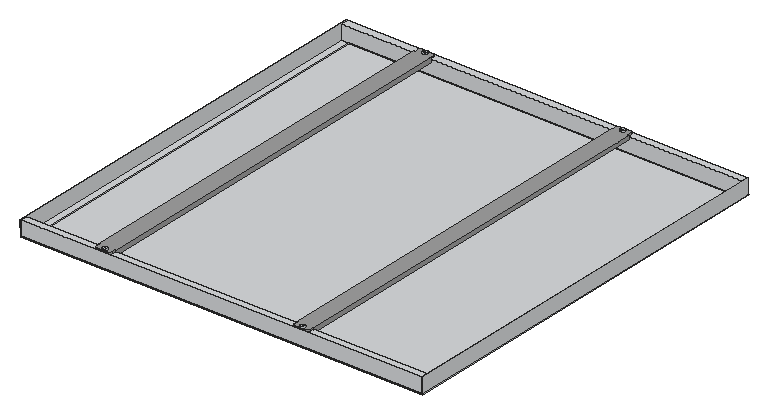
Revit family "意匠用天井放射パネルL590_ver2019a", category 一般モデル, Revit 2019
Family settings
  ホスト = 天井
  鉄筋をホスト可能 = いいえ
  丸型コネクタ寸法 = 直径を使用
  パーツ タイプ = 標準
  常に垂直 = はい
  ロード時にボイドで切り取り = いいえ
  共有 = いいえ
  部屋計算ポイント = いいえ
Parameters (values of type "パンチング")
  説明 = "天井放射空調"
  製造元 = "株式会社ササクラ"
  満水質量 = "3.6kg/枚"
  注記3 = "標準外寸法等が必要な際は問い合わせください"
  注記2 = "形状変更は名前入力タブからご選択ください"
  注記 = "寸法値の変更はご遠慮ください"
  形状 = 意匠用パンチング型パネル_一般モデル : L590
  塗装色 = "N-93"
  問い合わせ先 = "https://www.sasakura.co.jp/contact/index.cgi?inq_mst_seq=6"
  モデル = "ver1.0"
  W = 600 mm
  URL = "http://www.sasakura.co.jp/products/heat/205.html"
  L = 600 mm
Types (5, lengths in mm): name | 満水質量 | 形状
  パンチング | "3.6kg/枚" | 意匠用パンチング型パネル_一般モデル : L590
  波端部 | "3.0kg/枚" | 意匠用端部波型パネル_一般モデル : L590
  波標準 | "3.0kg/枚" | 意匠用標準波型パネル_一般モデル : L590
  リブ端部 | "3.9kg/枚" | 意匠用端部リブ型パネル_一般モデル : L590
  リブ標準 | "3.9kg/枚" | 意匠用標準リブ型パネル_一般モデル : L590
Reference planes
  plane 1 "中心(正面/背面)": y = 0
  plane 2: z = 0
  plane 3 "中心(左/右)": x = 0
  plane 4 "天井": z = 4000
  plane 5: y = 600
  plane 6: x = 600
Lines and regions (mm)
  Opening 1
    outline origin (0, 0, 4000) x (1, 0, 0) y (0, 1, 0)
      loop
        line (0, 600) -> (0, 0) -> (600, 0) -> (600, 600) -> (0, 600)
Dimensions and locks
  equal spacing: host sketch curve, plane 3 "中心(左/右)", host sketch curve
  equal spacing: host sketch curve, plane 1 "中心(正面/背面)", host sketch curve
  host sketch curve to host sketch curve = 4000 mm  (x2)
  plane 4 "天井" to host ceiling = 0 mm
  "L": plane 3 "中心(左/右)" to plane 6
  "W": plane 1 "中心(正面/背面)" to plane 5
Automatic sketch dimensions
  plane 1 "中心(正面/背面)" to Opening 1 sketch curve = 0 mm
  Opening 1 sketch curve to plane 3 "中心(左/右)" = 0 mm
  Opening 1 sketch curve to plane 6 = 0 mm
  plane 5 to Opening 1 sketch curve = 0 mm
Nested families
  nested 1: "意匠用パンチング型パネル_一般モデル" at (300, 300, 0), type <- "形状", type "L590"
Definition of nested family "意匠用パンチング型パネル_一般モデル"
  Parameters (values of type "L590")
    Description = "天井放射空調"
    Manufacturer = "株式会社ササクラ"
    パネル桟 = none
    パネルパンチング = none
    パネルW = none
    パネルL = none
    パネル = none
    Type Comments = ""
    コメント = ""
    W = 597 mm
    URL = "http://www.sasakura.co.jp/products/heat/205.html"
    L = 590 mm
  Reference planes
    plane 1 "中心(正面/背面)": y = 0
    plane 2: z = 0
    plane 3 "中心(左/右)": x = 0
    plane 4 "天井": z = 4000
    plane 5: z = 4024
    plane 6: z = 4024.2
  Forms (mm)
    Extrusion 1, solid, material <- "パネル"
      sketch origin (0, 0, 4000) x (0, 1, 0) y (-1, 0, 0)
        loop
          line (298.5, 295) -> (-298.5, 295) -> (-298.5, -295) -> (298.5, -295) -> (298.5, 295)
        loop
          line (-288.5, 283) -> (-288.5, -283) -> (288.5, -283) -> (288.5, 283) -> (-288.5, 283)
      from 0 to 1
    Extrusion 2, solid, material <- "パネルW"
      sketch origin (0, 0, 4000) x (0, 1, 0) y (-1, 0, 0)
        loop
          line (298.5, 295) -> (-298.5, 295) -> (-298.5, 294) -> (298.5, 294) -> (298.5, 295)
      from 23 to 1
    Extrusion 3, solid, material <- "パネルW"
      sketch origin (1189, 0, 4000) x (0, 1, 0) y (-1, 0, 0)
        loop
          line (298.5, 895) -> (-298.5, 895) -> (-298.5, 894) -> (298.5, 894) -> (298.5, 895)
      from 23 to 1
    Extrusion 4, solid, material <- "パネルL"
      sketch origin (0, 0, 4000) x (0, 1, 0) y (-1, 0, 0)
        loop
          line (298.5, 294) -> (288.5, 294) -> (288.5, -294) -> (298.5, -294) -> (298.5, 294)
      from 23 to 1
    Extrusion 5, solid, material <- "パネルL"
      sketch origin (0, -587, 4000) x (0, 1, 0) y (-1, 0, 0)
        loop
          line (298.5, 294) -> (288.5, 294) -> (288.5, -294) -> (298.5, -294) -> (298.5, 294)
      from 23 to 1
    Extrusion 6, solid, material <- "パネル桟", not visible, detail levels medium+fine
      sketch origin (0, 0, 4000) x (0, 1, 0) y (-1, 0, 0)
        loop
          line (926.531, -578.442) -> (349.531, -578.442) -> (349.531, -579.642) -> (343.531, -579.642)
          arc (343.531, -579.642) -> (341.409, -580.52) -> (340.531, -582.642) r 3
          line (340.531, -582.642) -> (340.531, -599.242)
          arc (340.531, -599.242) -> (341.409, -601.363) -> (343.531, -602.242) r 3
          line (343.531, -602.242) -> (349.531, -602.242) -> (349.531, -603.442) -> (926.531, -603.442) -> (926.531, -602.242) -> (932.531, -602.242)
          arc (932.531, -602.242) -> (934.652, -601.363) -> (935.531, -599.242) r 3
          line (935.531, -599.242) -> (935.531, -582.642)
          arc (935.531, -582.642) -> (934.652, -580.52) -> (932.531, -579.642) r 3
          line (932.531, -579.642) -> (926.531, -579.642) -> (926.531, -578.442)
      from 20 to 26.5
    Revolve 7, solid, not visible, detail levels medium+fine
      sketch origin (-1774.487, 931.529, 3837.374) x (-1, 0, 0) y (0, 0, 1)
        loop
          line (-2365.428, 190.126) -> (-2365.428, 183.426)
          arc (-2365.428, 183.426) -> (-2363.067, 185.106) -> (-2363.878, 187.888) r 2.5
          line (-2363.878, 187.888) -> (-2363.878, 189.126) -> (-2362.228, 189.126) -> (-2362.228, 190.126) -> (-2365.428, 190.126)
        axis (-2365.428, 190.126) -> (-2365.428, 183.426)
      angle from 0 to 360
    Revolve 8, solid, not visible, detail levels medium+fine
      sketch origin (592.66, -2020.897, 3837.374) x (0.000729, -1, 0) y (0, 0, 1)
        loop
          line (-2365.428, 190.126) -> (-2365.428, 183.426)
          arc (-2365.428, 183.426) -> (-2363.067, 185.106) -> (-2363.878, 187.888) r 2.5
          line (-2363.878, 187.888) -> (-2363.878, 189.126) -> (-2362.228, 189.126) -> (-2362.228, 190.126) -> (-2365.428, 190.126)
        axis (-2365.428, 190.126) -> (-2365.428, 183.426)
      angle from 0 to 360
    Extrusion 9, solid, material <- "パネル桟", not visible, detail levels medium+fine
      sketch origin (-620.938, -638.031, 4000) x (0, 1, 0) y (-1, 0, 0)
        loop
          line (926.531, -578.442) -> (349.531, -578.442) -> (349.531, -579.642) -> (343.531, -579.642)
          arc (343.531, -579.642) -> (341.409, -580.52) -> (340.531, -582.642) r 3
          line (340.531, -582.642) -> (340.531, -599.242)
          arc (340.531, -599.242) -> (341.409, -601.363) -> (343.531, -602.242) r 3
          line (343.531, -602.242) -> (349.531, -602.242) -> (349.531, -603.442) -> (926.531, -603.442) -> (926.531, -602.242) -> (932.531, -602.242)
          arc (932.531, -602.242) -> (934.652, -601.363) -> (935.531, -599.242) r 3
          line (935.531, -599.242) -> (935.531, -582.642)
          arc (935.531, -582.642) -> (934.652, -580.52) -> (932.531, -579.642) r 3
          line (932.531, -579.642) -> (926.531, -579.642) -> (926.531, -578.442)
        loop
          circle (364.531, -590.942) r 6
        loop
          circle (911.531, -590.942) r 6
      from 20 to 26.5
    Revolve 10, solid, not visible, detail levels medium+fine
      sketch origin (-2395.425, 293.498, 3837.374) x (-1, 0, 0) y (0, 0, 1)
        loop
          line (-2365.428, 190.126) -> (-2365.428, 183.426)
          arc (-2365.428, 183.426) -> (-2363.067, 185.106) -> (-2363.878, 187.888) r 2.5
          line (-2363.878, 187.888) -> (-2363.878, 189.126) -> (-2362.228, 189.126) -> (-2362.228, 190.126) -> (-2365.428, 190.126)
        axis (-2365.428, 190.126) -> (-2365.428, 183.426)
      angle from 0 to 360
    Revolve 11, solid, not visible, detail levels medium+fine
      sketch origin (-28.278, -2658.928, 3837.374) x (0.000729, -1, 0) y (0, 0, 1)
        loop
          line (-2365.428, 190.126) -> (-2365.428, 183.426)
          arc (-2365.428, 183.426) -> (-2363.067, 185.106) -> (-2363.878, 187.888) r 2.5
          line (-2363.878, 187.888) -> (-2363.878, 189.126) -> (-2362.228, 189.126) -> (-2362.228, 190.126) -> (-2365.428, 190.126)
        axis (-2365.428, 190.126) -> (-2365.428, 183.426)
      angle from 0 to 360
    Extrusion 12, solid, material <- "パネルパンチング", detail levels medium+fine
      sketch origin (0, 0, 3980) x (0, 1, 0) y (-1, 0, 0)
        loop
          line (288.5, 283) -> (-288.5, 283) -> (-288.5, -283) -> (288.5, -283) -> (288.5, 283)
      from 20 to 21
    Extrusion 13, solid, material <- "パネル桟", detail levels medium+fine
      sketch origin (-475.939, -638.031, 3997.7) x (0, 1, 0) y (-1, 0, 0)
        loop
          line (926.531, -578.442) -> (349.531, -578.442) -> (349.531, -579.642) -> (343.531, -579.642)
          arc (343.531, -579.642) -> (341.409, -580.52) -> (340.531, -582.642) r 3
          line (340.531, -582.642) -> (340.531, -599.242)
          arc (340.531, -599.242) -> (341.409, -601.363) -> (343.531, -602.242) r 3
          line (343.531, -602.242) -> (349.531, -602.242) -> (349.531, -603.442) -> (926.531, -603.442) -> (926.531, -602.242) -> (932.531, -602.242)
          arc (932.531, -602.242) -> (934.652, -601.363) -> (935.531, -599.242) r 3
          line (935.531, -599.242) -> (935.531, -582.642)
          arc (935.531, -582.642) -> (934.652, -580.52) -> (932.531, -579.642) r 3
          line (932.531, -579.642) -> (926.531, -579.642) -> (926.531, -578.442)
      from 20 to 26.5
    Revolve 14, solid, detail levels medium+fine
      sketch origin (-2250.426, 293.498, 3835.074) x (-1, 0, 0) y (0, 0, 1)
        loop
          line (-2365.428, 190.126) -> (-2365.428, 183.426)
          arc (-2365.428, 183.426) -> (-2363.067, 185.106) -> (-2363.878, 187.888) r 2.5
          line (-2363.878, 187.888) -> (-2363.878, 189.126) -> (-2362.228, 189.126) -> (-2362.228, 190.126) -> (-2365.428, 190.126)
        axis (-2365.428, 190.126) -> (-2365.428, 183.426)
      angle from 0 to 360
    Revolve 15, solid, detail levels medium+fine
      sketch origin (116.721, -2658.928, 3835.074) x (0.000729, -1, 0) y (0, 0, 1)
        loop
          line (-2365.428, 190.126) -> (-2365.428, 183.426)
          arc (-2365.428, 183.426) -> (-2363.067, 185.106) -> (-2363.878, 187.888) r 2.5
          line (-2363.878, 187.888) -> (-2363.878, 189.126) -> (-2362.228, 189.126) -> (-2362.228, 190.126) -> (-2365.428, 190.126)
        axis (-2365.428, 190.126) -> (-2365.428, 183.426)
      angle from 0 to 360
    Extrusion 16, solid, material <- "パネル桟", detail levels medium+fine
      sketch origin (-765.939, -638.031, 3997.7) x (0, 1, 0) y (-1, 0, 0)
        loop
          line (926.531, -578.442) -> (349.531, -578.442) -> (349.531, -579.642) -> (343.531, -579.642)
          arc (343.531, -579.642) -> (341.409, -580.52) -> (340.531, -582.642) r 3
          line (340.531, -582.642) -> (340.531, -599.242)
          arc (340.531, -599.242) -> (341.409, -601.363) -> (343.531, -602.242) r 3
          line (343.531, -602.242) -> (349.531, -602.242) -> (349.531, -603.442) -> (926.531, -603.442) -> (926.531, -602.242) -> (932.531, -602.242)
          arc (932.531, -602.242) -> (934.652, -601.363) -> (935.531, -599.242) r 3
          line (935.531, -599.242) -> (935.531, -582.642)
          arc (935.531, -582.642) -> (934.652, -580.52) -> (932.531, -579.642) r 3
          line (932.531, -579.642) -> (926.531, -579.642) -> (926.531, -578.442)
      from 20 to 26.5
    Revolve 17, solid, detail levels medium+fine
      sketch origin (-2540.426, 293.498, 3835.074) x (-1, 0, 0) y (0, 0, 1)
        loop
          line (-2365.428, 190.126) -> (-2365.428, 183.426)
          arc (-2365.428, 183.426) -> (-2363.067, 185.106) -> (-2363.878, 187.888) r 2.5
          line (-2363.878, 187.888) -> (-2363.878, 189.126) -> (-2362.228, 189.126) -> (-2362.228, 190.126) -> (-2365.428, 190.126)
        axis (-2365.428, 190.126) -> (-2365.428, 183.426)
      angle from 0 to 360
    Revolve 18, solid, detail levels medium+fine
      sketch origin (-173.279, -2658.928, 3835.074) x (0.000729, -1, 0) y (0, 0, 1)
        loop
          line (-2365.428, 190.126) -> (-2365.428, 183.426)
          arc (-2365.428, 183.426) -> (-2363.067, 185.106) -> (-2363.878, 187.888) r 2.5
          line (-2363.878, 187.888) -> (-2363.878, 189.126) -> (-2362.228, 189.126) -> (-2362.228, 190.126) -> (-2365.428, 190.126)
        axis (-2365.428, 190.126) -> (-2365.428, 183.426)
      angle from 0 to 360
  Dimensions and locks
    equal spacing: host sketch curve, plane 3 "中心(左/右)", host sketch curve
    equal spacing: host sketch curve, plane 1 "中心(正面/背面)", host sketch curve
    host sketch curve to host sketch curve = 4000 mm  (x2)
    plane 4 "天井" to host ceiling = 0 mm
    aligned and locked: Extrusion 2 to Extrusion 5
    aligned and locked: Extrusion 5 to Extrusion 3
    aligned and locked: Extrusion 4 to Extrusion 3
    aligned and locked: Extrusion 4 to Extrusion 2
    aligned and locked: Extrusion 5 to Extrusion 1
    aligned and locked: Extrusion 4 to Extrusion 1
